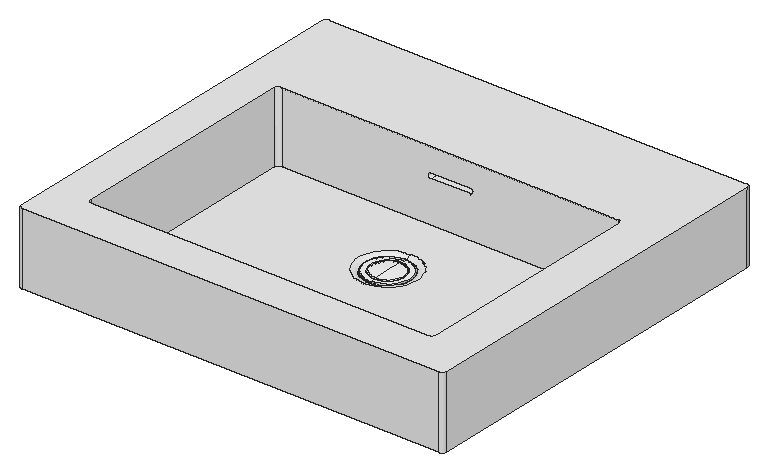
Revit family "Reece_Basin_Kado_Lux_Above Counter_with Overflow_475 mm", category Plumbing Fixtures, host Face, Revit 2018
Family settings
  Host = Face
  Round Connector Dimension = Use Diameter
  Part Type = Normal
  Cut with Voids When Loaded = No
  Shared = Yes
  Room Calculation Point = Yes
Parameters (values of type "1 Taphole_Fine Fire Clay Ceramic_White")
  WFU = 0  # constant formula
  URL = "https://www.reece.com.au/product/-9500797"
  Type Comments = "Basin"
  Reece_Product_Web Page = "https://www.reece.com.au/product/-9500797"
  Reece_Product_Type = "Basin"  # constant formula
  Reece_Product_Sub Brand = "Lux"  # constant formula
  Reece_Product_Number = "9500797"
  Reece_Product_Mount = "Above Counter"
  Reece_Product_Description = "Kado Lux Above Counter Basin 1 Taphole White with Overflow"
  Reece_Product_Brand = "Kado"  # constant formula
  Reece_Overall_Width = 475 mm  # constant formula
  Reece_Overall_Length = 430 mm  # constant formula
  Reece_Overall_Height = 80 mm  # constant formula
  Reece_Overall_Capacity = 4.00 L  # constant formula
  Reece_Material_Secondary = Reece_Brass_Chrome
  Reece_Material_Main = Reece_Acrylic_White
  Reece_Detail_Installation = "Above Counter Basin"  # constant formula
  Reece_Detail_Disclaimer = "THIS FILE IS THE PROPERTY OF THE REECE GROUP. IT MAY NOT BE REPRODUCED, REVERSE-ENGINEERED OR MODIFIED. ANY REPUBLICATION, TRANSMISSION OR DISTRIBUTION FOR THE PURPOSE OF COMMERCIALLY EXPLOITING THE FILES IS PROHIBITED."  # constant formula
  Reece_Detail_Connector = "1 Taphole"
  Reece_Detail_Additional = "Overflow"
  Reece_Basin_Supply Diameter 1 = 35 mm  # constant formula
  Reece_Basin_Outlet = 40 mm  # constant formula
  Model = "Lux"
  Manufacturer = "Kado"
  Keynote = "Product #9500797, Reece_Basin_Kado_Lux_Above Counter_with Overflow_475 mm - 1 Taphole_Fine Fire Clay Ceramic_White"
  HWFU = 0  # constant formula
  Disclaimer = "THIS FILE IS THE PROPERTY OF THE REECE GROUP. IT MAY NOT BE REPRODUCED, REVERSE-ENGINEERED OR MODIFIED. ANY REPUBLICATION, TRANSMISSION OR DISTRIBUTION FOR THE PURPOSE OF COMMERCIALLY EXPLOITING THE FILES IS PROHIBITED."  # constant formula
  Description = "Kado Lux Above Counter Basin 1 Taphole White with Overflow\r\n"
  Default Elevation = 1000 mm
  CWFU = 0  # constant formula
  CW Connection = yes
Reference planes
  plane 1 "Center (Front/Back)": y = -79.125
  plane 2 "Bottom": z = 0
  plane 3 "Center (Left/Right)": x = 0
  plane 4: y = 135.875
  plane 5: x = 237.5
  plane 6: x = -237.5
  plane 7: y = -294.125
  plane 8: x = 0
  plane 9: z = 80
Forms (mm)
  Extrusion 1, solid, material "Reece_Acrylic_White" <- "Reece_Material_Main"
    sketch origin (0, 0, 0) x (1, 0, 0) y (0, 1, 0)
      loop
        line (-237.5, 130.875) -> (-237.5, -289.125)
        arc (-237.5, -289.125) -> (-236.036, -292.66) -> (-232.5, -294.125) r 5
        line (-232.5, -294.125) -> (232.5, -294.125)
        arc (232.5, -294.125) -> (236.036, -292.66) -> (237.5, -289.125) r 5
        line (237.5, -289.125) -> (237.5, 130.875)
        arc (237.5, 130.875) -> (236.036, 134.411) -> (232.5, 135.875) r 5
        line (232.5, 135.875) -> (-232.5, 135.875)
        arc (-232.5, 135.875) -> (-236.036, 134.411) -> (-237.5, 130.875) r 5
    from 0 to 80
  Revolve 2, void
    sketch origin (0, 0, 0) x (0, 1, 0) y (0, 0, 1)
      loop
        line (-74.125, 35) -> (-74.125, -39) -> (-49.125, -39) -> (-49.125, 1.062) -> (-48.116, 2.071)
        arc (-48.116, 2.071) -> (-44.872, 4.239) -> (-41.045, 5) r 10
        line (-41.045, 5) -> (-36.625, 5) -> (-36.625, 35) -> (-74.125, 35)
      axis (-74.125, 35) -> (-74.125, -39)
    angle from 0 to 360
  Blend 3, void
    base sketch origin (0, 0, 0) x (1, 0, 0) y (0, 1, 0)
      loop
        line (-191, 5.875) -> (-191, -239.125)
        arc (-191, -239.125) -> (-189.536, -242.66) -> (-186, -244.125) r 5
        line (-186, -244.125) -> (180, -244.125)
        arc (180, -244.125) -> (183.536, -242.66) -> (185, -239.125) r 5
        line (185, -239.125) -> (185, 5.875)
        arc (185, 5.875) -> (183.536, 9.411) -> (180, 10.875) r 5
        line (180, 10.875) -> (-186, 10.875)
        arc (-186, 10.875) -> (-189.536, 9.411) -> (-191, 5.875) r 5
    top sketch origin (0, 0, 0) x (1, 0, 0) y (0, 1, 0)
      loop
        line (-196, 10.875) -> (-196, -244.125)
        arc (-196, -244.125) -> (-194.536, -247.66) -> (-191, -249.125) r 5
        line (-191, -249.125) -> (185, -249.125)
        arc (185, -249.125) -> (188.536, -247.66) -> (190, -244.125) r 5
        line (190, -244.125) -> (190, 10.875)
        arc (190, 10.875) -> (188.536, 14.411) -> (185, 15.875) r 5
        line (185, 15.875) -> (-191, 15.875)
        arc (-191, 15.875) -> (-194.536, 14.411) -> (-196, 10.875) r 5
    from 5 to 80
  Extrusion 4, void
    sketch origin (0, -79.125, 0) x (1, 0, 0) y (0, 0, 1)
      loop
        line (-22, 49) -> (22, 49)
        arc (22, 49) -> (25, 52) -> (22, 55) r 3
        line (22, 55) -> (-22, 55)
        arc (-22, 55) -> (-25, 52) -> (-22, 49) r 3
    from -109.906 to -82.282
  Revolve 5, solid, material "Reece_Brass_Chrome" <- "Reece_Material_Secondary"
    sketch origin (0, 0, 1.562) x (0, 1, 0) y (0, 0, 1)
      loop
        line (-96.459, -1.603) -> (-74.125, -1.603) -> (-74.125, 2.71)
        arc (-74.125, 2.71) -> (-82.783, 2.552) -> (-91.414, 1.852) r 137.99
        arc (-91.414, 1.852) -> (-91.921, 1.59) -> (-92.125, 1.057) r 0.8
        line (-92.125, 1.057) -> (-92.125, 0.264) -> (-93.125, 0.264) -> (-93.125, 1.769) -> (-98.625, 1.769)
        arc (-98.625, 1.769) -> (-99.087, 1.461) -> (-98.978, 0.916) r 0.5
        line (-98.978, 0.916) -> (-96.459, -1.603)
      axis (-74.125, 2.71) -> (-74.125, -1.603)
    angle from 0 to 360
  Revolve 6, void
    sketch origin (0, 0, 0) x (0, 1, 0) y (0, 0, 1)
      loop
        line (-74.125, -0.04) -> (-109.125, -0.04) -> (-109.125, -80.04) -> (-74.125, -80.04) -> (-74.125, -0.04)
      axis (-74.125, -80.04) -> (-74.125, -0.04)
    angle from 0 to 360
Cuts and joins
  Revolve 2, Blend 3, Extrusion 4 cuts Extrusion 1
Lines and regions (mm)
  model lines, style "PlumbingFixtures", visible <- "CW Connection"
    curve 1: circle (0, 75.875, 80) r 17.5 normal (0, 0, 1)
Text (mm)
  text "Reece Copyright © 2018, Reece Ltd." at (-1108.834, -679.227, 0), in view "Ref. Level"
  text "Reece ©" at (44.384, 258.95, 192.345), in view "Reece Preview"
Dimensions and locks
  equal spacing: plane 6, plane 3 "Center (Left/Right)", plane 5
  "Reece_Overall_Width": plane 6 to plane 5
  "Reece_Overall_Length": plane 4 to plane 7
  equal spacing: plane 4, plane 1 "Center (Front/Back)", plane 7
  "Reece_Overall_Length": plane 7 to cut or joined group of Extrusion 1, Revolve 2, Blend 3, Extrusion 4
  "Reece_Overall_Width": plane 6 to cut or joined group of Extrusion 1, Revolve 2, Blend 3, Extrusion 4
  "Reece_Overall_Height": level to cut or joined group of Extrusion 1, Revolve 2, Blend 3, Extrusion 4
  aligned and locked: host face to plane 2 "Bottom"
  aligned and locked: level to host face
Automatic sketch dimensions
  host sketch curve to host sketch curve = 696.216 mm
  host sketch curve to host sketch curve = 618.927 mm
  Extrusion 1 sketch curve to plane 6 = 0 mm
  plane 7 to Extrusion 1 sketch curve = 0 mm
  Extrusion 1 sketch curve to plane 4 = 0 mm
  Extrusion 1 sketch curve to plane 5 = 0 mm
  Extrusion 1 sketch curve to plane 5 = 5 mm
  Extrusion 1 sketch curve to plane 4 = 5 mm
  Extrusion 1 sketch curve to plane 6 = 5 mm
  Extrusion 1 sketch curve to Extrusion 1 sketch curve = 5 mm
  Blend 3 sketch curve to Blend 3 sketch curve = 5 mm  (x7)
  Blend 3 sketch curve to Blend 3 sketch curve = 0 mm
  Blend 3 sketch curve to plane 7 = 50 mm
  Blend 3 sketch curve to plane 7 = 45 mm
  curve 1 to Extrusion 1 = 60 mm
  curve 1 to Extrusion 1 = 237.5 mm
  Extrusion 4 sketch curve to plane 3 "Center (Left/Right)" = 22 mm
  plane 3 "Center (Left/Right)" to Extrusion 4 sketch curve = 22 mm
  level to Revolve 5 sketch curve = 2.619 mm
  plane 1 "Center (Front/Back)" to Revolve 5 sketch curve = 12.2 mm
  Revolve 5 sketch curve to Revolve 5 sketch curve = 0.8 mm
  Revolve 5 sketch curve to Revolve 5 sketch curve = 1 mm
  Revolve 5 sketch curve to level = 0.04 mm
  Revolve 5 sketch curve to Revolve 5 sketch curve = 3.335 mm
  level to Revolve 5 sketch curve = 2.832 mm
  Revolve 5 sketch curve to Revolve 5 sketch curve = 2.165 mm
  level to Revolve 5 sketch curve = 2.478 mm
  Revolve 5 sketch curve to Revolve 5 sketch curve = 0.354 mm
  level to Revolve 5 sketch curve = 4.273 mm
  Revolve 5 sketch curve to Revolve 5 sketch curve = 65.267 mm
  level to Revolve 5 sketch curve = 1.826 mm
  Revolve 5 sketch curve to Revolve 5 sketch curve = 22.29 mm
  Blend 3 sketch curve to plane 5 = 57.5 mm
  Blend 3 sketch curve to plane 5 = 52.5 mm  (x2)
  Blend 3 sketch curve to plane 6 = 51.5 mm
  Blend 3 sketch curve to plane 6 = 46.5 mm
  level to Extrusion 4 sketch curve = 49 mm
  Extrusion 4 sketch curve to Extrusion 4 sketch curve = 3 mm
  Blend 3 sketch curve to plane 1 "Center (Front/Back)" = 85 mm
  Blend 3 sketch curve to plane 1 "Center (Front/Back)" = 90 mm
  Revolve 5 sketch curve to plane 1 "Center (Front/Back)" = 3.188 mm
  Revolve 5 sketch curve to plane 1 "Center (Front/Back)" = 5 mm  (x2)
  Revolve 5 sketch curve to Revolve 5 sketch curve = 133.664 mm
  Revolve 2 sketch curve to level = 5 mm
  Revolve 2 sketch curve to plane 1 "Center (Front/Back)" = 5 mm  (x2)
  level to Revolve 2 sketch curve = 1.062 mm
  Revolve 2 sketch curve to plane 1 "Center (Front/Back)" = 30 mm
  level to Revolve 2 sketch curve = 2.071 mm
  Revolve 2 sketch curve to Revolve 2 sketch curve = 1.009 mm
  Revolve 2 sketch curve to Revolve 2 sketch curve = 7.071 mm
  Revolve 2 sketch curve to Revolve 2 sketch curve = 4.42 mm
  Revolve 2 sketch curve to level = 39 mm
  Revolve 2 sketch curve to Revolve 2 sketch curve = 30 mm
  Revolve 2 sketch curve to Revolve 2 sketch curve = 265.8 mm
  Revolve 2 sketch curve to plane 9 = 256.433 mm
  plane 1 "Center (Front/Back)" to Revolve 6 sketch curve = 30 mm
  Revolve 6 sketch curve to level = 80.04 mm
  Revolve 6 sketch curve to level = 0.04 mm
  Revolve 6 sketch curve to Revolve 6 sketch curve = 0 mm  (x2)
  Revolve 6 sketch curve to plane 1 "Center (Front/Back)" = 5 mm
  level to Revolve 6 sketch curve = 34.96 mm
  radius of curve 1 = 17.5 mm
Connectors
  piping at (0, -74.125, -0.04), diameter 40, driven by "Reece_Basin_Outlet"
    settings: on Revolve 5, index 1, connector inside diameter 609.6 mm, connector length 0 mm, flow factor 0, pipe flow 0.0 L/s, pressure drop 0.0 Pa, fitting loss kfactor 0, connector angle 0.00°, fixture units 0, engagement length 0 mm, angle of deflection 0.00°, flow configuration 0, flow direction 2, fitting loss method 0, system type 16, joint type 0, gender type 0, connector reference index -1, connector utility 0, adjustable connector no, is connector primary yes, connector description ""
